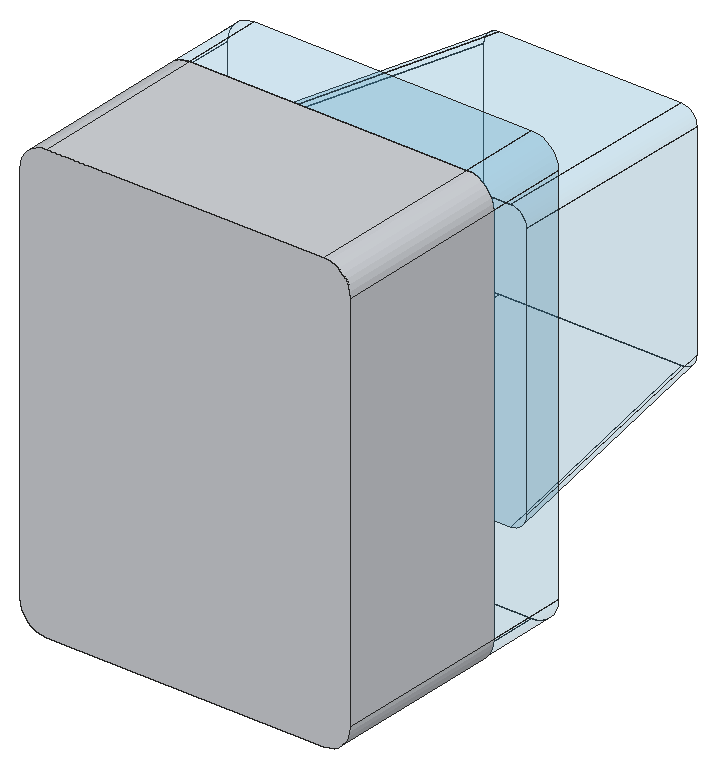
Revit family "Domotics-SerieCivili-GEWISS-27COMBI_SYSTEM-IP55_SPIE_SEGNALAZIONE", category Modelli generici, host Muro, Revit 2016
Family settings
  Host = Muro
  Tipo di parte = Normale
  Può ospitare armatura = No
  Quota connettore circolare = Usa diametro
  Sempre verticale = Sì
  Taglio con vuoti quando caricato = No
  Condiviso = No
  Punto di calcolo locali = No
Parameters (values of type "GW27419 - Spia segnalazione diffusore azzurro stagna")
  Versione file RFA = "18.0"
  URL = "https://www.gewiss.com/it/it"
  Termopressione con biglia = "70 °C"
  Tensione nominale = "230 V ac"
  Temperatura di installazione = "-25 +60 °C"
  Scheda Tecnica = "https://www.gewiss.com/it/it/search?q=GW27419"
  Produttore = "GEWISS S.p.A."
  Potenza = "Max 15 W"
  Portalampada tipo = "E14"
  Norma di riferimento = "EN 60598-1"
  Modello = "GW27419"
  Immagine tipo = GW27419.jpg
  IFC.TypeObject = ""
  IFC.ExportType = ""
  IFC.ExportAs = ""
  IDT = "7b0adaca-5341-4719-835f-f8f4d184b5d8"
  IDF = "fbbf1421-415d-4e21-9c1b-b3b5078e022a"
  Grado di protezione = "IP55"
  Glow Wire Test = "650°C"
  Dim. esterne BxHxP (mm) = "66x82x95"
  Descrizione = "SPIA SEGNALAZ.DIFF.AZZURRO STAGNA"
  Creato da GEWISS S.p.A. = ""
  Colore diffusore = GEWISS VETRINO AZZURRO
  Colore del diffusore = "Azzurro"
  Colore = "Grigio RAL 7035"
  Codice Electrocod = "0132                "
  Codice EAN = "8011564056213"
  Classe isolamento = "II"
  Catalogo Serie = "27COMBI"
  Catalogo = "DOMOTICS"
  COBie.Tagnumber = ""
  COBie.CreatedOn = ""
  COBie.CreatebBy = ""
  COBie.ComponentRegisterItemID = ""
  COBie.Component.TagNumber = ""
  COBie.Component.Space = ""
  COBie.Component.SerialNumber = ""
  COBie.Component.InstallationDate = ""
  COBie.Component.Description = ""
  COBie.Component.BarCode = ""
Types (5, lengths in mm): name | Scheda Tecnica | Modello | Immagine tipo | IDT | Descrizione | Colore diffusore | Colore del diffusore | Codice EAN
  GW27416 - Spia segnalazione diffusore verde stagna | "https://www.gewiss.com/it/it/search?q=GW27416" | "GW27416" | GW27416.jpg | "f4ff7f06-400b-4c3f-a95a-1bb700d48295" | "SPIA SEGNALAZ.DIFF.VERDE STAGNA" | GEWISS VETRINO VERDE | "Verde" | "8011564056183"
  GW27417 - Spia segnalazione diffusore giallo stagna | "https://www.gewiss.com/it/it/search?q=GW27417" | "GW27417" | GW27417.jpg | "07bb7a50-f6bf-4534-a6ee-346ebfc40cac" | "SPIA SEGNALAZ.DIFF.GIALLO STAGNA" | GEWISS VETRINO GIALLO | "Giallo" | "8011564056190"
  GW27418 - Spia segnalazione diffusore trasparente stagna | "https://www.gewiss.com/it/it/search?q=GW27418" | "GW27418" | GW27418.jpg | "b49ef14d-3087-440a-93ab-3666984f7c98" | "SPIA SEGNALAZ.DIFF.TRASPARENTE STAGNA" | GEWISS VETRINO TRASPARENTE | "Trasparente" | "8011564056206"
  GW27415 - Spia segnalazione diffusore rosso stagna | "https://www.gewiss.com/it/it/search?q=GW27415" | "GW27415" | GW27415.jpg | "fc33ad13-96e5-4ee3-9ff9-f3dcbeb94b03" | "SPIA SEGNALAZ.DIFF.ROSSO STAGNA" | GEWISS VETRINO ROSSO | "Rosso" | "8011564056176"
  GW27419 - Spia segnalazione diffusore azzurro stagna | "https://www.gewiss.com/it/it/search?q=GW27419" | "GW27419" | GW27419.jpg | "7b0adaca-5341-4719-835f-f8f4d184b5d8" | "SPIA SEGNALAZ.DIFF.AZZURRO STAGNA" | GEWISS VETRINO AZZURRO | "Azzurro" | "8011564056213"
Reference planes
  plane 1 "Muro": y = 0
  plane 2 "Centro (Sinistra/Destra)": x = 125
  plane 3 "Indietro": y = 75
  plane 4: x = 156
  plane 5: x = 94
  plane 6: z = 1127
  plane 7: z = 1045
  plane 8: y = 123.744
  plane 9: x = 156
  plane 10: x = 94
  plane 11: y = 170
  plane 12: y = 108.5
Forms (mm)
  Extrusion 1, solid
    sketch origin (0, 0, -900) x (1, 0, 0) y (0, 0, 1)
      loop
        line (151, 2027) -> (99, 2027)
        arc (99, 2027) -> (95.464, 2025.536) -> (94, 2022) r 5
        line (94, 2022) -> (94, 1950)
        arc (94, 1950) -> (95.464, 1946.464) -> (99, 1945) r 5
        line (99, 1945) -> (151, 1945)
        arc (151, 1945) -> (154.536, 1946.464) -> (156, 1950) r 5
        line (156, 1950) -> (156, 2022)
        arc (156, 2022) -> (154.536, 2025.536) -> (151, 2027) r 5
    from -108.5 to -75
  Blend 2, solid, material "GEWISS VETRINO AZZURRO" <- "Colore diffusore"
    base sketch origin (0.321, 0, 0.049) x (1, 0, 0) y (0, 0, 1)
      loop
        line (146.679, 1113.156) -> (102.679, 1113.156)
        arc (102.679, 1113.156) -> (100.557, 1112.278) -> (99.679, 1110.156) r 3
        line (99.679, 1110.156) -> (99.679, 1061.949)
        arc (99.679, 1061.949) -> (100.557, 1059.827) -> (102.679, 1058.949) r 3
        line (102.679, 1058.949) -> (146.679, 1058.949)
        arc (146.679, 1058.949) -> (148.8, 1059.827) -> (149.679, 1061.949) r 3
        line (149.679, 1061.949) -> (149.679, 1110.156)
        arc (149.679, 1110.156) -> (148.8, 1112.278) -> (146.679, 1113.156) r 3
    top sketch origin (0.321, 0, 0.049) x (1, 0, 0) y (0, 0, 1)
      loop
        line (107.679, 1063.949) -> (141.679, 1063.949)
        arc (141.679, 1063.949) -> (143.8, 1064.827) -> (144.679, 1066.949) r 3
        line (144.679, 1066.949) -> (144.679, 1105.156)
        arc (144.679, 1105.156) -> (143.8, 1107.278) -> (141.679, 1108.156) r 3
        line (141.679, 1108.156) -> (107.679, 1108.156)
        arc (107.679, 1108.156) -> (105.557, 1107.278) -> (104.679, 1105.156) r 3
        line (104.679, 1105.156) -> (104.679, 1066.949)
        arc (104.679, 1066.949) -> (105.557, 1064.827) -> (107.679, 1063.949) r 3
    from -123.744 to -170
  Extrusion 3, solid, material "GEWISS VETRINO AZZURRO" <- "Colore diffusore"
    sketch origin (0, 33.744, -900) x (1, 0, 0) y (0, 0, 1)
      loop
        line (151, 2027) -> (99, 2027)
        arc (99, 2027) -> (95.464, 2025.536) -> (94, 2022) r 5
        line (94, 2022) -> (94, 1950)
        arc (94, 1950) -> (95.464, 1946.464) -> (99, 1945) r 5
        line (99, 1945) -> (151, 1945)
        arc (151, 1945) -> (154.536, 1946.464) -> (156, 1950) r 5
        line (156, 1950) -> (156, 2022)
        arc (156, 2022) -> (154.536, 2025.536) -> (151, 2027) r 5
    from -90 to -74.756
Lines and regions (mm)
  model lines, detail levels fine
    curve 1: circle (151.667, 123.744, 1121.055) r 3.453 normal (0, -1, 0)
    curve 2: circle (151.667, 123.744, 1121.055) r 1.602 normal (0, -1, 0)
    curve 3: circle (98.333, 123.744, 1121.055) r 3.453 normal (0, 1, 0)
    curve 4: circle (98.333, 123.744, 1121.055) r 1.602 normal (0, 1, 0)
    curve 5: circle (151.667, 123.744, 1051.148) r 3.453 normal (0, 1, 0)
    curve 6: circle (151.667, 123.744, 1051.148) r 1.602 normal (0, 1, 0)
    curve 7: circle (98.333, 123.744, 1051.148) r 3.453 normal (0, -1, 0)
    curve 8: circle (98.333, 123.744, 1051.148) r 1.602 normal (0, -1, 0)
    curve 9: circle (156, 91.791, 1086) r 11.432 normal (1, 0, 0)
    curve 10: line (156, 108.5, 1072.095) -> (156, 75, 1072.095)
    curve 11: line (156, 108.5, 1099.905) -> (156, 75.244, 1099.905)
    curve 12: circle (94, 91.791, 1086) r 11.432 normal (1, 0, 0)
    curve 13: line (94, 108.5, 1072.095) -> (94, 75, 1072.095)
    curve 14: line (94, 108.5, 1099.905) -> (94, 75.244, 1099.905)
Text (mm)
  text "Lato posizionamento" at (-1848.837, 1116.779, 0), in view "Livello rif."
  text "Lato posizionamento" at (0, 1409.804, 2854.306), in view "Sinistra"
  text "Lato posizionamento" at (0, 499.811, 2980.732), in view "Destra"
Dimensions and locks
  locked: plane 3 "Indietro" to host wall
  locked: plane 5 to plane 4 at 62
  equal spacing: plane 5, plane 2 "Centro (Sinistra/Destra)", plane 4
  locked: plane 7 to plane 6 at 82
  locked: plane 3 "Indietro" to plane 11 at 95
  locked: plane 3 "Indietro" to plane 8 at 48.744
  plane 3 "Indietro" to plane 12 = 33.5 mm
  aligned and locked: plane 1 "Muro" to host wall
  aligned and locked: plane 4 to Extrusion 1 sketch curve
  aligned and locked: Extrusion 1 sketch curve to plane 5
  aligned and locked: Extrusion 1 sketch curve to plane 6
  aligned and locked: plane 7 to Extrusion 1 sketch curve
  aligned and locked: plane 3 "Indietro" to Extrusion 1
  aligned and locked: Blend 2 to plane 11
  aligned and locked: plane 8 to Blend 2
  aligned and locked: plane 12 to Extrusion 1
  aligned and locked: Extrusion 3 to plane 12
  aligned and locked: Extrusion 3 to plane 8
Automatic sketch dimensions
  Extrusion 1 sketch curve to plane 5 = 5 mm  (x2)
  plane 4 to Extrusion 1 sketch curve = 5 mm
  Extrusion 1 sketch curve to Extrusion 1 sketch curve = 5 mm
  Blend 2 sketch curve to plane 5 = 6 mm
  Blend 2 sketch curve to Blend 2 sketch curve = 3 mm  (x6)
  plane 4 to Blend 2 sketch curve = 9 mm  (x2)
  plane 7 to Blend 2 sketch curve = 13.998 mm
  Blend 2 sketch curve to plane 6 = 16.795 mm
  Blend 2 sketch curve to plane 5 = 11 mm
  plane 4 to Blend 2 sketch curve = 14 mm  (x2)
  plane 7 to Blend 2 sketch curve = 18.998 mm
  Blend 2 sketch curve to plane 6 = 21.795 mm
  plane 5 to Extrusion 3 sketch curve = 0 mm
  Extrusion 3 sketch curve to plane 6 = 0 mm
  Extrusion 3 sketch curve to plane 7 = 0 mm
  plane 4 to Extrusion 3 sketch curve = 0 mm
  Extrusion 3 sketch curve to plane 5 = 5 mm  (x2)
  plane 4 to Extrusion 3 sketch curve = 5 mm
  Extrusion 3 sketch curve to Extrusion 3 sketch curve = 5 mm
  curve 1 to curve 2 = 0 mm  (x2)
  curve 3 to curve 4 = 0 mm  (x2)
  curve 5 to curve 6 = 0 mm  (x2)
  curve 7 to curve 8 = 0 mm  (x2)
  Extrusion 3 to curve 7 = 4.333 mm
  Extrusion 3 to curve 3 = 4.333 mm
  Extrusion 3 to curve 6 = 4.333 mm
  Extrusion 3 to curve 2 = 4.333 mm
  Extrusion 3 to curve 7 = 6.148 mm
  Extrusion 3 to curve 6 = 6.148 mm
  Extrusion 3 to curve 4 = 5.945 mm
  Extrusion 3 to curve 2 = 5.945 mm
  curve 14 to Extrusion 1 = 0 mm
  curve 13 to Extrusion 1 = 0 mm  (x2)
  Extrusion 1 to curve 12 = 16.709 mm
  curve 12 to Extrusion 1 = 36 mm
  curve 14 to curve 12 = 13.905 mm
  curve 12 to curve 13 = 13.905 mm
  Extrusion 1 to curve 14 = 0.244 mm
  curve 10 to Extrusion 1 = 0 mm  (x2)
  curve 11 to Extrusion 1 = 0 mm
  Extrusion 1 to curve 9 = 16.709 mm
  curve 9 to Extrusion 1 = 36 mm
  curve 10 to curve 9 = 13.905 mm
  Extrusion 1 to curve 11 = 0.244 mm
  curve 9 to curve 11 = 13.905 mm
  radius of curve 1 = 3.453 mm
  radius of curve 2 = 1.602 mm
  radius of curve 3 = 3.453 mm
  radius of curve 4 = 1.602 mm
  radius of curve 5 = 3.453 mm
  radius of curve 6 = 1.602 mm
  radius of curve 7 = 3.453 mm
  radius of curve 8 = 1.602 mm
  radius of curve 12 = 11.432 mm
  radius of curve 9 = 11.432 mm
